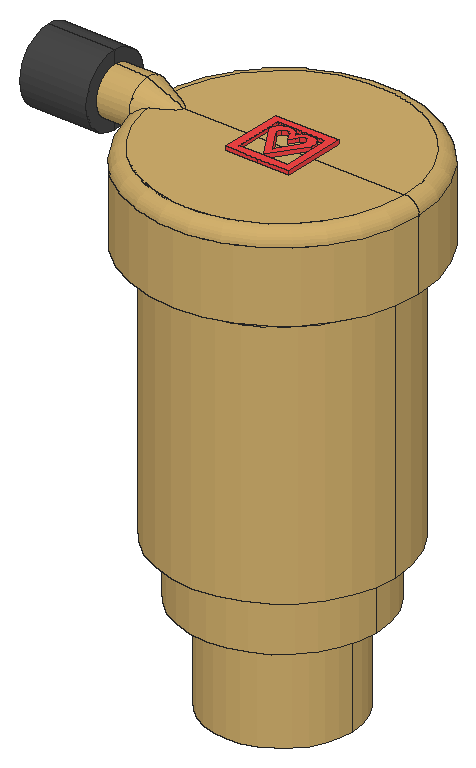
Revit family "Be- u. Entlüfter 2630 03", category Rohrzubehör, Revit 2019
Family settings
  Bemaßung runder Anschluss = Durchmesser verwenden
  Teiletyp = Normal
  OmniClass-Nummer = 23.65.55.14
  OmniClass-Titel = Valves for Liquid Services
  Arbeitsebenenbasiert = Nein
  Immer vertikal = Ja
  Beim Laden mit Abzugskörper schneiden = Nein
  Gemeinsam genutzt = Nein
Parameters
  URL = "www.herz-armaturen.at"
  Schwimmer = "Polypropylen"  # constant formula
  SCRNSEQ = "AWI;AWI_TYP=\"1013\";1"
  SCRNCODE = "05;14;01"  # constant formula
  S04 = 11.000 mm  # constant formula
  S03 = 24.500 mm  # constant formula
  S02 = 12.500 mm  # constant formula
  S01 = 59.000 mm  # constant formula
  R01 = 2.000 mm  # constant formula
  Nennweite AG [instance] = 20.000 mm  # constant formula
  Min.Betriebstemperatur = 0 °C  # constant formula
  Medium = "Heizungswasser nach ÖNORM H5195 oder VDI- Richtlinie 2035. Die Verwendung von Ethylen- oder Propyleneglykol in einem Mischungsverhältnis von 25 - 50% ist zulässig. EPDM-Dichtungen können durch Mineralöle und Schmiermittel beeinflusst werden, was zum Versagen der EPDM-Dichtungen führen kann. Bitte beachten Sie die Dokumentation des Herstellers, wenn Ethylenglykol-Produkte für den Frost- und Korrosionsschutz verwendet werden."
  Max.Strukturdruck = 1200000.0 Pa  # constant formula
  Max.Betriebstemperatur = 110 °C  # constant formula
  Max.Betriebsdruck = 800000.0 Pa  # constant formula
  L04 = L00 - L01  # 24.000 mm
  L03 = 13.500 mm  # constant formula
  L02 = 4.800 mm  # constant formula
  L01 = 9.500 mm  # constant formula
  L00 = 33.500 mm  # constant formula
  Hersteller = "Herz-Armaturen GmbH"  # constant formula
  H08 = 8.000 mm  # constant formula
  H07 = 22.000 mm  # constant formula
  H06 = 14.000 mm  # constant formula
  H05 = 59.000 mm - 1.000 mm  # 58.000 mm
  H04 = H03 - D03  # 57.900 mm
  H03 = 63.000 mm  # constant formula
  H02 = 9.500 mm  # constant formula
  H01 = 12.000 mm  # constant formula
  H00 = 71.500 mm  # constant formula
  Gehäuse = "geschmiedetes Messing nach EN 12165, CW617N"  # constant formula
  G2 [instance] = Nennweite AG / 2  # 10.000 mm
  G1 = 5.000 mm  # constant formula
  Dichtungen = "NBR"  # constant formula
  Deckel = "geschmiedetes Messing nach EN 12165, CW617N"  # constant formula
  D06 = 13.500 mm  # constant formula
  D05 = 0.800 mm  # constant formula
  D04 = 3.400 mm  # constant formula
  D03 = 5.100 mm  # constant formula
  D02 = 19.500 mm  # constant formula
  D01 = 16.200 mm  # constant formula
  Bestellnummer [instance] = if(Nennweite AG = 20.000 mm, 1263003, 0)  # 1263003
  Aussengewindeanschluss = "nach ISO 228"  # constant formula
  Anwendungsgebiet = "Der automatische Schnellentlüfter wird in Heizungs- und Kühlungssysteme zur Entlüftung der Anlage verwendet. Das Ventil sollte in der Nähe des Boilers oder am höchsten Punkt der Anlage installiert werden, um eine garantierte Entlüftung der Anlage an die Umgebung zu gewährleisten."
  Adapter = "Messing CW617N, EN 12165"  # constant formula
  Abdeckkappe = "Polypropylen, Schwarz"  # constant formula
Reference planes
  plane 1 "Mitte (Vorne/hinten)": y = 0
  plane 2: z = 0
  plane 3 "Mitte (Links/rechts)": x = 0
Forms (mm)
  Revolve 1, solid, material "Messing", detail levels fine
    sketch origin (0, 0, 0) x (1, 0, 0) y (0, 0, 1)
      loop
        line (0, -12.5) -> (0, 59) -> (-17.5, 59)
        arc (-17.5, 59) -> (-18.914, 58.414) -> (-19.5, 57) r 2
        line (-19.5, 57) -> (-19.5, 47) -> (-18.2, 47)
        arc (-18.2, 47) -> (-16.786, 46.414) -> (-16.2, 45) r 2
        line (-16.2, 45) -> (-16.2, 9.5) -> (-13.5, 9.5) -> (-13.5, 1.5) -> (-10, 1.5) -> (-10, -12.5) -> (0, -12.5)
      axis (0, 59) -> (0, -12.5)
    angle from 0 to 360
  Revolve 2, solid, material "Kunststoff - schwarz", detail levels fine
    sketch origin (0, 0, 0) x (1, 0, 0) y (0, 0, 1)
      loop
        line (-33.5, 57.9) -> (-24, 57.9) -> (-24, 63) -> (-33.5, 63) -> (-33.5, 57.9)
      axis (-33.5, 57.9) -> (-24, 57.9)
    angle from 0 to 360
  Revolve 3, solid, material "Messing", detail levels fine
    sketch origin (0, 0, 0) x (1, 0, 0) y (0, 0, 1)
      loop
        line (-24, 57.9) -> (0, 57.9) -> (0, 58.7) -> (-13.5, 58.7) -> (-19.2, 61.3) -> (-24, 61.3) -> (-24, 57.9)
      axis (-24, 57.9) -> (0, 57.9)
    angle from 0 to 360
Lines and regions (mm)
  model lines
    curve 1: line (0, 19.55, 0) -> (0, 0, 0)
  model lines, detail levels coarse+medium
    curve 2: line (0, 59, 0) -> (-11.455, 47.545, 0)
    curve 3: line (0, 59, 0) -> (11.455, 47.545, 0)
    curve 4: circle (0, 34.5, 0) r 11 normal (0, 0, 1)
    curve 5: line (0, 10, 0) -> (-11.455, 21.455, 0)
    curve 6: line (0, 10, 0) -> (11.455, 21.455, 0)
    curve 7: line (0, 59, 0) -> (0, 45.5, 0)
    curve 8: line (0, 23.5, 0) -> (0, -12.5, 0)
    curve 9: line (0, 0, 59) -> (-11.455, 0, 47.545)
    curve 10: line (0, 0, 59) -> (11.455, 0, 47.545)
    curve 11: circle (0, 0, 34.5) r 11 normal (0, -1, 0)
    curve 12: line (0, 0, 10) -> (-11.455, 0, 21.455)
    curve 13: line (0, 0, 10) -> (11.455, 0, 21.455)
    curve 14: line (0, 0, 59) -> (0, 0, 45.5)
    curve 15: line (0, 0, 23.5) -> (0, 0, -12.5)
    curve 16: line (0, 0, 59) -> (0, -11.455, 47.545)
    curve 17: line (0, 0, 59) -> (0, 11.455, 47.545)
    curve 18: circle (0, 0, 34.5) r 11 normal (1, 0, 0)
    curve 19: line (0, 0, 10) -> (0, -11.455, 21.455)
    curve 20: line (0, 0, 10) -> (0, 11.455, 21.455)
Dimensions and locks
  "D01": Revolve 1 sketch curve to Revolve 1 sketch curve
  "D02": Revolve 1 sketch curve to Revolve 1 sketch curve
  "H01": Revolve 1 sketch curve to Revolve 1 sketch curve
  "D03": Revolve 2 sketch curve to Revolve 2 sketch curve
  "L01": Revolve 2 sketch curve to Revolve 2 sketch curve
  "L00": Revolve 2 sketch curve to plane 3 "Mitte (Links/rechts)"
  "D04": Revolve 3 sketch curve to Revolve 3 sketch curve
  "L02": Revolve 3 sketch curve to Revolve 3 sketch curve
  "L03": Revolve 3 sketch curve to plane 3 "Mitte (Links/rechts)"
  "L04": Revolve 3 sketch curve to plane 3 "Mitte (Links/rechts)"
  "D05": Revolve 3 sketch curve to Revolve 3 sketch curve
  "H03": Revolve 2 sketch curve to plane 2
  "H04": Revolve 3 sketch curve to plane 2
  "H06": Revolve 1 sketch curve to Revolve 1 sketch curve
  "G2": Revolve 1 sketch curve to Revolve 1 sketch curve
  "H08": Revolve 1 sketch curve to Revolve 1 sketch curve
  "H00": Revolve 1 sketch curve to Revolve 1 sketch curve
  "S01": plane 1 "Mitte (Vorne/hinten)" to curve 7
  "S02": curve 8 to plane 1 "Mitte (Vorne/hinten)"
  "S03": curve 7 to curve 4 to curve 6
  "D01": curve 2 to curve 2
  "D01": curve 3 to curve 3
  "D01": curve 5 to curve 5
  "D01": curve 6 to curve 6
  "S01": curve 14 to plane 2
  "S02": plane 2 to curve 15
  "S03": curve 14 to curve 11 to curve 13
  "D01": curve 9 to curve 9
  "D01": curve 10 to curve 10
  "D01": curve 12 to curve 12
  "D01": curve 13 to curve 13
  "S01": curve 17 to plane 2
  "S03": curve 17 to curve 18 to curve 20
  "D01": curve 16 to curve 16
  "D01": curve 17 to curve 17
  "D01": curve 19 to curve 19
  "D01": curve 20 to curve 20
  "R01": radius of Revolve 1 sketch curve  (x2)
  "S04": radius of curve 4
  "S04": radius of curve 11
  "S04": radius of curve 18
  angle curve 2 to curve 7 = 45.00°
  angle curve 7 to curve 3 = 45.00°
  angle curve 8 to curve 5 = 45.00°
  angle curve 6 to curve 8 = 45.00°
  angle curve 9 to curve 14 = 45.00°
  angle curve 14 to curve 10 = 45.00°
  angle curve 15 to curve 12 = 45.00°
  angle curve 13 to curve 15 = 45.00°
  angle curve 16 to plane 1 "Mitte (Vorne/hinten)" = 45.00°
  angle plane 1 "Mitte (Vorne/hinten)" to curve 17 = 45.00°
  angle plane 1 "Mitte (Vorne/hinten)" to curve 19 = 45.00°
  angle curve 20 to plane 1 "Mitte (Vorne/hinten)" = 45.00°
  aligned and locked: level to plane 2
Automatic sketch dimensions
  curve 20 to plane 1 "Mitte (Vorne/hinten)" = 0.000 mm
  curve 18 to plane 1 "Mitte (Vorne/hinten)" = 0.000 mm
  curve 17 to plane 1 "Mitte (Vorne/hinten)" = 0.000 mm
  curve 10 to plane 3 "Mitte (Links/rechts)" = 0.000 mm
  curve 15 to plane 3 "Mitte (Links/rechts)" = 0.000 mm
  curve 11 to plane 3 "Mitte (Links/rechts)" = 0.000 mm
  curve 12 to plane 3 "Mitte (Links/rechts)" = 0.000 mm
  curve 2 to plane 3 "Mitte (Links/rechts)" = 0.000 mm
  plane 1 "Mitte (Vorne/hinten)" to curve 1 = 0.000 mm
  curve 1 to plane 3 "Mitte (Links/rechts)" = 0.000 mm
  curve 8 to plane 3 "Mitte (Links/rechts)" = 0.000 mm
  curve 4 to plane 3 "Mitte (Links/rechts)" = 0.000 mm
  curve 5 to plane 3 "Mitte (Links/rechts)" = 0.000 mm
  curve 1 to curve 8 = 3.950 mm
  Revolve 1 sketch curve to plane 3 "Mitte (Links/rechts)" = 0.000 mm  (x2)
  level to Revolve 1 sketch curve = 1.500 mm
  Revolve 1 sketch curve to Revolve 1 sketch curve = 3.500 mm
  Revolve 1 sketch curve to Revolve 1 sketch curve = 1987.500 mm
  Revolve 1 sketch curve to Revolve 1 sketch curve = 1937.000 mm
  Revolve 2 sketch curve to Revolve 2 sketch curve = 0.000 mm  (x3)
  Revolve 3 sketch curve to plane 3 "Mitte (Links/rechts)" = 0.000 mm
  Revolve 3 sketch curve to Revolve 3 sketch curve = 0.212 mm
  Revolve 3 sketch curve to plane 3 "Mitte (Links/rechts)" = 0.539 mm
  Revolve 3 sketch curve to Revolve 3 sketch curve = 0.000 mm
Nested families
  nested 1: "Herz-Logo" at (0, 0, 58), type "Herz-Logo", detail levels fine
Connectors
  piping at (0, 0, -12.5), diameter 20, driven by "Nennweite AG"
    settings: on Revolve 1, index 1, connector inside diameter 609.6 mm, connector length 0.000 mm, flow factor 0, pipe flow 0.0 L/s, pressure drop 0.0 Pa, fitting loss kfactor 0, connector angle 0.00°, fixture units 0, engagement length 0.000 mm, angle of deflection 0.00°, flow configuration 0, flow direction 1, fitting loss method 0, system type 29, joint type 0, gender type 0, connector reference index -1, connector utility 0, adjustable connector no, is connector primary yes, connector description ""
Definition of nested family "Herz-Logo"
  Reference planes
    plane 1 "Mitte (Vorne/hinten)": y = 0
    plane 2: z = 0
    plane 3 "Mitte (Links/rechts)": x = 0
  Forms (mm)
    Extrusion 1, solid
      sketch origin (0, 0, 0) x (1, 0, 0) y (0, 1, 0)
        loop
          line (-0.018, -4.517) -> (4.482, -4.517) -> (4.482, 4.483) -> (-4.518, 4.483) -> (-4.518, -4.517) -> (-0.018, -4.517)
        loop
          line (-0.05, -3.48) -> (3.482, -3.48) -> (3.482, 3.483) -> (-3.518, 3.483) -> (-3.518, -3.48) -> (-0.05, -3.48)
        loop
          arc (-0.018, 2.383) -> (-1.543, 3.287) -> (-3.067, 2.383) r 1.738
          arc (-3.067, 2.383) -> (-3.191, 1.899) -> (-3.067, 1.415) r 1.009
          line (-3.067, 1.415) -> (-0.018, -3.281) -> (3.032, 1.415)
          arc (3.032, 1.415) -> (3.156, 1.899) -> (3.032, 2.383) r 1.009
          arc (3.032, 2.383) -> (1.507, 3.287) -> (-0.018, 2.383) r 1.738
        loop
          arc (1.885, 1.272) -> (2.005, 1.675) -> (1.885, 2.079) r 0.74
          arc (1.885, 2.079) -> (1.265, 2.416) -> (0.644, 2.079) r 0.74
          line (0.644, 2.079) -> (-0.018, 0.97) -> (-0.679, 2.079)
          arc (-0.679, 2.079) -> (-1.3, 2.416) -> (-1.921, 2.079) r 0.74
          arc (-1.921, 2.079) -> (-2.04, 1.675) -> (-1.921, 1.272) r 0.74
          line (-1.921, 1.272) -> (-0.018, -1.658) -> (1.885, 1.272)
      from 0 to 1.5
  Dimensions and locks
    aligned and locked: level to plane 2
